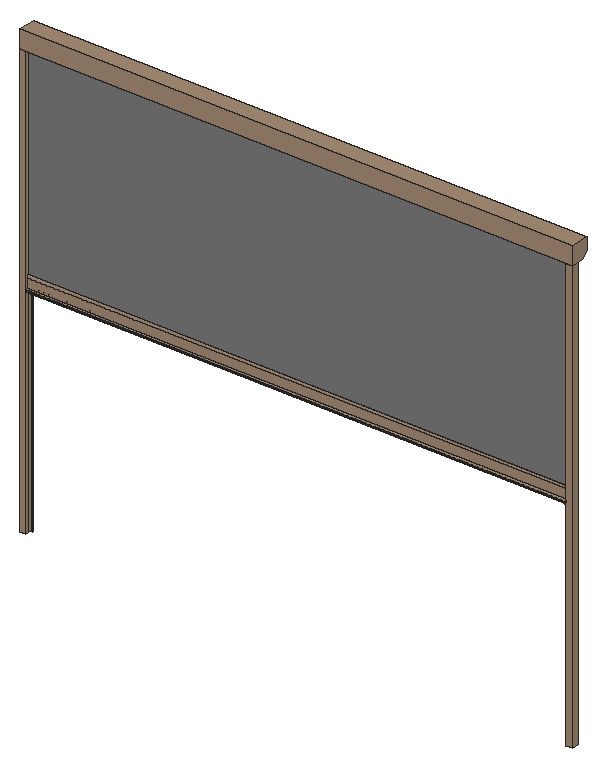
Revit family "Screen_LargeOpening_ExecutiveSeries_PhantomScreens", category Doors, host Wall, Revit 2014
Parameters (values of type "Type as Specified")
  URL = "http://www.phantomscreens.com/"
  Type Comments = ""
  Track Width = 0' - 1 3/8"
  Track Depth = 0' - 1 17/32"
  Track = Light Cherry
  Specification = "http://www.phantomscreens.com/architects-designers/specifications-binder/"
  Slide Bar Width = 0' - 1 1/32"
  Slide Bar Height = 0' - 3 11/16"
  Slide Bar = Light Cherry
  Sizing Notes [instance] = if(or((Width > 25' 0"), (Height > 16' 0")), "Exceeds Maximum Size", "Standard Size")  # "Standard Size"
  Screen Width = 0' - 0 1/8"
  Screen = Opaque - Black
  Sales Information = "http://www.phantomscreens.com/support/"
  Roller Size [instance] = if(or((Width > 20' 0"), (Height > 11' 0")), 0' 5", (if(or((Width > 10' 0"), (Height > 8' 0")), 0' 4", 0' 2 1/2")))  # 0' - 2 1/2"
  Revision = "R1_08-2016"
  Product Properties = "http://www.phantomscreens.com/drive/uploads/2015/05/technical_specs_exec.pdf"
  Product Data = "http://www.arcat.com/arcatcos/cos9540/arc40535.html"
  Percent Open [instance] = 50
  Model = "Executive Series"
  Manufacturer Website = "http://www.phantomscreens.com/"
  Manufacturer Phone - Toll Free = ""
  Manufacturer Phone = "604-855-3654"
  Manufacturer Fax = "604-855-7834"
  Manufacturer Address = "30451 Simpson Rd.; Abbotsford; BC; Canada V2T 6C7"
  Manufacturer = "Phantom Screens"
  Keynote = "08 11 00"
  Installation-Fabrication = "http://www.phantomscreens.com/architects-designers/options/"
  Housing Size [instance] = if(or((Width > 20' 0"), (Height > 11' 0")), 0' 7 1/8", (if(or((Width > 10' 0"), (Height > 8' 0")), 0' 5 1/2", 0' 4")))  # 0' - 4"
  Housing = Light Cherry
  Function = Exterior
  Frame Projection Ext. = 0' - 1"
  Frame Projection Int. = 0' - 1"
  Frame Width = 0' - 3"
  Height [instance] = 8' - 0"
  Wall Closure = By host
  Width [instance] = 10' - 0"
  Drawn By = "Sumex Design - Robert S Weygant"
  Description = "Phantom Screens Executive Series Screen"
  Copyright = "� 2016 ARCAT Inc."
  Construction Details = "http://www.arcat.com/details/phantoms/95prod3444.html"
  Assembly Code = "B2020400"
  Amount Open [instance] = Height * (Percent Open / 100)  # 4' - 0"
Reference planes (in)
  plane 1 "Center (Front/Back)": y = 0
  plane 2 "Center (Left/Right)": x = 0
  plane 3 "Left": x = -60
  plane 4 "Right": x = 60
  plane 5 "Top": z = 96
  plane 6 "Exterior": y = 3
  plane 7 "Interior": y = -5
  plane 8: x = -61.375
  plane 9: y = 7
  plane 10: y = 4.53125
  plane 11: x = 61.375
  plane 12: z = 100
  plane 13: z = 51.6875
  plane 14: z = 48
  plane 15: y = 4.03125
  plane 16: y = 3.3635
  plane 17: y = 3.4885
Forms (in)
  Extrusion 1, solid, material "Light Cherry" <- "Track"
    sketch origin (0, 0, 0) x (1, 0, 0) y (0, 1, 0)
      loop
        line (-61.375, 4.53125) -> (-61.375, 3) -> (-60, 3) -> (-60, 3.3635) -> (-60.25, 3.3635) -> (-60.25, 3.4885) -> (-60, 3.4885) -> (-60, 4.40625) -> (-59.625, 4.40625) -> (-59.625, 4.53125) -> (-61.375, 4.53125)
      loop
        line (61.375, 4.53125) -> (59.625, 4.53125) -> (59.625, 4.40625) -> (60, 4.40625) -> (60, 3.4885) -> (60.25, 3.4885) -> (60.25, 3.3635) -> (60, 3.3635) -> (60, 3) -> (61.375, 3) -> (61.375, 4.53125)
    from 0 to 96
  Extrusion 2, solid, material "Light Cherry" <- "Housing"
    sketch origin (0, 0, 0) x (0, 1, 0) y (0, 0, 1)
      loop
        line (3, 100) -> (3, 96) -> (5.74264, 96) -> (7, 97.25736) -> (7, 100) -> (3, 100)
    from -61.375 to 61.375
  Extrusion 3, solid, material "Light Cherry" <- "Slide Bar"
    sketch origin (0, 0, 0) x (0, 1, 0) y (0, 0, 1)
      loop
        line (3.66775, 51.6875) -> (3.3635, 51.6875)
        arc (3.3635, 51.6875) -> (3.21471, 51.36839) -> (3.12357, 51.0283) r 2.0209
        line (3.12357, 51.0283) -> (3.12357, 49.02742) -> (3.27835, 49.02742) -> (3.27835, 48.97132)
        arc (3.27835, 48.97132) -> (3.09392, 48.81664) -> (3, 48.59501) r 0.51471
        line (3, 48.59501) -> (3, 48.4261)
        arc (3, 48.4261) -> (3.15071, 48.1398) -> (3.44249, 48) r 0.51471
        line (3.44249, 48) -> (3.5891, 48)
        arc (3.5891, 48) -> (3.90687, 48.17522) -> (4.03157, 48.516) r 0.51775
        arc (4.03157, 48.516) -> (3.95674, 48.7804) -> (3.75714, 48.96926) r 0.51775
        line (3.75714, 48.96926) -> (3.75714, 49.02742) -> (3.90768, 49.02742) -> (3.90768, 51.0283)
        arc (3.90768, 51.0283) -> (3.81654, 51.36839) -> (3.66775, 51.6875) r 2.0209
    from -60 to 60
  Extrusion 4, solid, material "Opaque - Black" <- "Screen"
    sketch origin (0, 0, 0) x (0, 1, 0) y (0, 0, 1)
      loop
        line (3.4885, 96) -> (3.3635, 96) -> (3.3635, 51.6875) -> (3.4885, 51.6875) -> (3.4885, 96)
    from -60 to 60
Lines and regions (in)
  Opening 1
    outline origin (-90, -5, 0) x (1, 0, 0) y (0, 0, 1)
      loop
        line (30, 0) -> (150, 0) -> (150, 96) -> (30, 96) -> (30, 0)
  symbolic lines, style "Elevation Swing"
    curve 1: line (60, 0, 96) -> (0, 0, 0)
    curve 2: line (0, 0, 0) -> (-59.625, 0, 96)
Text (in)
  text "Exterior" at (-74.96733, 27.31104, 0), in view "Ref. Level"
  text "Interior" at (-74.96733, -25.14366, 0), in view "Ref. Level"
  text "Exterior" at (0, 40.15149, 123.01588), in view "Right"
  text "Interior" at (0, -64.39139, 123.01588), in view "Right"
  text "Interior" at (0, -31.01599, 123.00693), in view "Left"
  text "Exterior" at (0, 54.57065, 123.00693), in view "Left"
Dimensions and locks (in)
  equal spacing: plane 3 "Left", plane 2 "Center (Left/Right)", plane 4 "Right"
  "Height": level to plane 5 "Top"
  "Width": plane 3 "Left" to plane 4 "Right"
  "Track Width": plane 8 to plane 3 "Left"
  "Track Depth": plane 6 "Exterior" to plane 10
  "Track Width": plane 4 "Right" to plane 11
  "Housing Size": plane 5 "Top" to plane 12
  "Housing Size": plane 9 to plane 6 "Exterior"
  "Slide Bar Height": plane 14 to plane 13
  "Slide Bar Width": plane 15 to plane 6 "Exterior"
  "Screen Width": plane 17 to plane 16
  "Amount Open": plane 14 to level
  locked: plane 16 to plane 6 "Exterior" at 0.3635
  locked: plane 10 to Extrusion 1 sketch curve at 0.125  (x2)
  locked: plane 3 "Left" to Extrusion 1 sketch curve at 0.375
  locked: plane 4 "Right" to Extrusion 1 sketch curve at 0.25
  locked: Extrusion 1 sketch curve to plane 4 "Right" at 0.375
  aligned and locked: plane 3 "Left" to Opening 1 sketch curve
  aligned and locked: plane 5 "Top" to Opening 1 sketch curve  (x2)
  aligned and locked: Opening 1 sketch curve to plane 4 "Right"
  aligned and locked: Opening 1 sketch curve to level
  aligned and locked: plane 6 "Exterior" to host wall
  aligned and locked: plane 7 "Interior" to host wall
  aligned and locked: Extrusion 1 sketch curve to plane 10  (x2)
  aligned and locked: plane 8 to Extrusion 1 sketch curve
  aligned and locked: host wall to Extrusion 1 sketch curve
  aligned and locked: Extrusion 1 to plane 5 "Top"
  aligned and locked: Extrusion 2 sketch curve to plane 12
  aligned and locked: Extrusion 2 sketch curve to plane 6 "Exterior"
  aligned and locked: Extrusion 2 sketch curve to plane 5 "Top"
  aligned and locked: Extrusion 2 sketch curve to plane 9
  aligned and locked: Extrusion 2 to plane 11
  aligned and locked: Extrusion 2 to plane 8
  aligned and locked: plane 13 to Extrusion 3 sketch curve
  aligned and locked: plane 14 to Extrusion 3 sketch curve
  aligned and locked: plane 6 "Exterior" to Extrusion 3 sketch curve
  aligned and locked: Extrusion 3 to plane 4 "Right"
  aligned and locked: Extrusion 4 sketch curve to plane 5 "Top"
  aligned and locked: plane 17 to Extrusion 4 sketch curve
  aligned and locked: Extrusion 4 sketch curve to Extrusion 3  (x2)
  aligned and locked: Extrusion 4 to plane 4 "Right"
  aligned and locked: plane 3 "Left" to Extrusion 4
  aligned and locked: plane 3 "Left" to Extrusion 1 sketch curve  (x2)
  aligned and locked: plane 4 "Right" to Extrusion 1 sketch curve
  aligned and locked: Extrusion 1 sketch curve to plane 11
  aligned and locked: plane 6 "Exterior" to Extrusion 1 sketch curve
  aligned and locked: Extrusion 1 sketch curve to plane 17
  aligned and locked: plane 16 to Extrusion 1 sketch curve
  aligned and locked: plane 3 "Left" to Extrusion 3
Automatic sketch dimensions
  Extrusion 2 sketch curve to plane 5 "Top" = 0' - 1.25736"
  Extrusion 2 sketch curve to plane 9 = 0' - 1.25736"
  plane 5 "Top" to Extrusion 2 sketch curve = 0' - 0"
  Extrusion 3 sketch curve to Extrusion 3 sketch curve = 0' - 0"  (x4)
  Extrusion 3 sketch curve to host wall = 0' - 1.08248"
  host wall to Extrusion 3 sketch curve = 0' - 0.12357"
  Extrusion 3 sketch curve to Extrusion 3 sketch curve = 0' - 0.15478"
  host wall to Extrusion 3 sketch curve = 0' - 0.44249"
  Extrusion 3 sketch curve to Extrusion 3 sketch curve = 0' - 0.00611"
  Extrusion 3 sketch curve to Extrusion 3 sketch curve = 0' - 0.14661"
  plane 15 to Extrusion 3 sketch curve = 0' - 0.27411"
  plane 15 to Extrusion 3 sketch curve = 0' - 0.12357"
  plane 10 to Extrusion 3 sketch curve = 0' - 0.58248"
  Extrusion 3 sketch curve to plane 14 = 0' - 0.4261"
  Extrusion 3 sketch curve to Extrusion 3 sketch curve = 0' - 0.00169"
  Extrusion 3 sketch curve to Extrusion 3 sketch curve = 0' - 0.00206"
  Extrusion 3 sketch curve to Extrusion 3 sketch curve = 0' - 0.0561"
  Extrusion 3 sketch curve to Extrusion 3 sketch curve = 0' - 0.05816"
  Extrusion 3 sketch curve to plane 13 = 0' - 1.0103"  (x2)
  Extrusion 3 sketch curve to Extrusion 3 sketch curve = 0' - 0.23993"  (x2)
  Extrusion 3 sketch curve to plane 15 = 0' - 0.00032"
  Extrusion 3 sketch curve to Extrusion 3 sketch curve = 0' - 0.06525"
  Extrusion 1 sketch curve to plane 16 = 0' - 0"
  Extrusion 1 sketch curve to plane 17 = 0' - 0"
  Extrusion 1 sketch curve to plane 4 "Right" = 0' - 0"
  Extrusion 1 sketch curve to host wall = 0' - 0"
  Extrusion 1 sketch curve to Extrusion 1 sketch curve = 0' - 0 1/4"
  curve 2 to plane 5 "Top" = 0' - 0"
  curve 2 to plane 2 "Center (Left/Right)" = 0' - 0"
  curve 1 to level = 0' - 0"
  plane 4 "Right" to curve 1 = 0' - 0"
  curve 2 to plane 3 "Left" = 0' - 0 3/8"
  curve 1 to plane 5 "Top" = 0' - 0"
